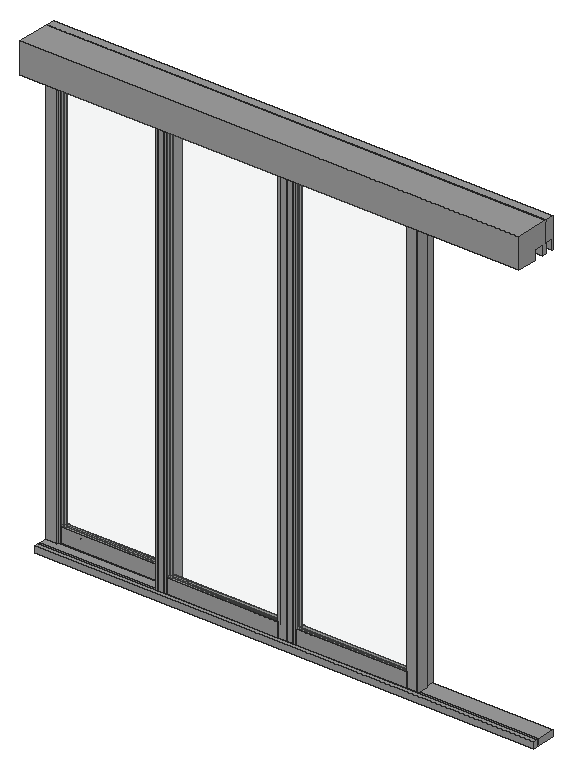
Revit family "agtatec_Record_SldngDrset_THERMCORD-D-STA_CurtainWallPanel", category Curtain Panels, Revit 2015
Parameters (values of type "THERMCORD D-STA 150mm drive unit height side panel left")
  WithoutSidePanels = and(not(RightPanel), not(LeftPanel))  # no
  WithoutDriveCladding(OnlyApplicableForTypesWithoutSidePanels) = not(WithDriveCladding)  # no
  WithinStandardSizes = and(OpeningWidth > 799.9 mm, OpeningWidth < 3000.1 mm, ClearHeightOfPassage < 3000.1 mm, ClearHeightOfPassage > 1999.9 mm)  # yes
  WithSidePanels = and(RightPanel, LeftPanel)  # no
  WithDriveCladding = yes
  Weight = "Depends on configuration and size"
  WarrantyStartDate [instance] = "1900-12-31T23:59:59"
  WarrantyGuarantorParts = "Local door manufacturer"
  WarrantyGuarantorLabour = "Local door manufacturer"
  WarrantyDurationUnit = "Depends on country"
  WarrantyDurationParts = "Depends on country"
  WarrantyDurationLabour = "Depends on country"
  WarrantyDescription = "Depends on country"
  WallMountingProfile = no
  Version = "Version 1.0"
  Uniclass2 = "Ss_25_30_20_77"
  URL = "www.agta-record.com"
  TotalWidth = if(WithSidePanels, SidePanelWidthLeft + SidePanelWidthRight + OpeningWidth, if(RightPanel, SidePanelWidthRight + OpeningWidth + 54.5 mm, if(LeftPanel, SidePanelWidthLeft + OpeningWidth + 54.5 mm, OpeningWidth + 109 mm)))  # 1900.5 mm
  TotalHeight = ClearHeightOfPassage + DriveUnitHeight  # 2300 mm
  SustainabilityPerformance = "n/a"
  SupportLength = SidePanelWidthLeft + SidePanelWidthRight + OpeningWidth + DriveUnitExtraWidthRight + DriveUnitExtraWidthLeft  # 2492 mm
  SidePanelWidthRight = SidePanelMinimumStandard + ExtraRight  # 646 mm
  SidePanelWidthLeft = SidePanelMinimumStandard + ExtraLeft  # 646 mm
  SidePanelMinimumStandard = InnerPanelWidth  # 646 mm
  Type Comments = ""
  ThresholdStripping = "No additional required, part of the doorset"
  ThresholdRequired = yes
  ThermalTransmittance = 0
  TagNumber [instance] = "n/a"
  SmokeStop = no
  Size = "n/a"
  Shape = "Rectangular"
  ServiceLifeType = "n/a"
  ServiceLifeDuration = "10-15 years"
  SerialNumber [instance] = "n/a"
  SelfClosing = yes
  SecurityRating = "n/a"
  RightPanel = no
  Revision = "n/a"
  ReplacementCost = "Depends on the configuration and door type"
  ReferenceStandard = "EN16005, EN16361, DIN 18650, etc."
  Reference = "n/a"
  ProductionYear = "n/a"
  ProductInformation = "www.agta-record.com"
  Process = "n/a"
  PassageWidthOptions = "n/a"
  PanelHeight = ClearHeightOfPassage + 50 mm  # 2200 mm
  PanelFrames = agtatec_Record_Sliding Door, Aluminium
  PanelFill = agtatec_Record_Sliding Door, Laminated Safety Glass (Clear)
  OuterPanelWidthRight = SidePanelMinimumStandard - 32.8 mm + ExtraRight  # 613.2 mm
  OuterPanelWidthLeft = SidePanelMinimumStandard - 32.8 mm + ExtraLeft  # 613.2 mm
  OpeningWidth = 1200 mm
  NominalWidth = TotalWidth  # 1900.5 mm
  NominalLength = 0 mm
  NominalHeight = TotalHeight  # 2300 mm
  Name = "SldngDrset_THERMCORD-D-STA_CurtainWallPanel_Record"
  NBSTypeID = "n/a"
  NBSReference = "25-50-20/175"
  NBSOfficeMasterTag = "n/a"
  NBSNote = "n/a"
  NBSDescription = "Sliding Doorset"
  NBSCertification = "n/a"
  ModelReference = "Depends on the configuration"
  ModelNumber = "n/a"
  ModelLabel = "n/a"
  Model = "Thermcord D-STA"
  MethodOfMeasurement = "n/a"
  Material = "Aluminium"
  ManufacturerURL = "www.agta-record.com"
  ManufacturerName = "Record"
  Manufacturer = "info@recorduk.co.uk"
  LeftPanel = yes
  LeafColourOptions = "All RAL, customer specific"
  Keynote = ""
  IssueDate = ""
  IsExternal = yes
  InterlancingProfileHeight = PanelHeight - 5 mm  # 2195 mm
  InterlancingProfile1 = no
  InstallationDate [instance] = "1900-12-31T23:59:59"
  InnerPanelWidth = (OpeningWidth / 2) + 46 mm  # 646 mm
  Infiltration = "n/a"
  IfcExportType = "Door"
  IfcExportAs = "IfcDoorStyle"
  HasDrive = yes
  HandicapAccessible = yes
  Grade = "n/a"
  GlazingAreaFraction = "n/a"
  GlassType = "Part of glazing spec"
  GlassThickness2 = 0 mm
  GlassThickness1 = 8 mm
  GlassLayers = 2
  FrameSeal = yes
  FrameProfile = "Aluminium"
  FrameMaterial = "Aluminium"
  FrameFinishOptions = "n/a"
  FloorGuide = agtatec_Record_Sliding Door, Stainless Steel
  FireRating = "n/a"
  FireExit = no
  Finish = "Powder coated, Anodized, customer specific"
  Features = "n/a"
  ExtraWidthTotal = ExtraRight + ExtraLeft  # 0 mm
  ExtraWidthRight = 0 mm
  ExtraWidthLeft = 0 mm
  ExtraRight = if(not(RightPanel), 0 mm, ExtraWidthRight)  # 0 mm
  ExtraLeft = if(not(LeftPanel), 0 mm, ExtraWidthLeft)  # 0 mm
  ExpectedLife = "n/a"
  ElectronicLock = yes
  DurationUnit = "year"
  DriveUnitHeight = 150 mm
  DriveUnitExtraWidthRight = 0 mm
  DriveUnitExtraWidthLeft = 0 mm
  DriveUnit = agtatec_Record_Sliding Door, Sheet Metal (Painted Steel)
  DoorsetOperation = "Automatic"
  DoorsetFasteners = "Screws"
  DoorSeal = "1"
  DoorOpening = 0 mm
  DoorNumber = "n/a"
  DoorIncluded = yes
  Documentation = "n/a"
  DocumentReference = "n/a"
  Description = "Automatic Sliding Door"
  Cost = 0
  Construction Type = "Automatic Sliding Door"
  Constituents = "n/a"
  Configuration = "1 or 2"
  Colour = "Customer specific"
  CodePerformance = "n/a"
  ClearanceZones = no
  ClearHeightOfPassage = 2150 mm
  Category = "n/a"
  BarCode [instance] = "n/a"
  BIMObjectName = "agtatec_Record_SlidingDoorset_THERMCORD-D-STA_CurtainWallPanel"
  Author = "agtatec"
  AssetType = "n/a"
  AssetIdentifier [instance] = "n/a"
  Assembly Code = "B2030110"
  AntiFingerTrapRequirement = yes
  AlternativeDoorsetGlazing = "Part of glazing spec"
  AcousticRating = "n/a"
  AccessoryOptions = "Contact manufacturer"
  AccessibilityPerformance = "n/a"
Reference planes
  plane 1 "Center (Front/Back)": y = 0
  plane 2: z = 0
  plane 3 "Center (Left/Right)": x = -50
  plane 4 "Left": x = -1280
  plane 5 "Right": x = 1180
  plane 6 "Top": z = 4000
Text (mm)
  text "Exterior" at (-2351.972, 1416.179, 0), in view "Ref. Level"
  text "Exterior" at (0, 2290.741, 4406.713), in view "Left"
  text "Exterior" at (0, 1328.187, 4120.349), in view "Right"
Dimensions and locks
  equal spacing: plane 4 "Left", plane 3 "Center (Left/Right)", plane 5 "Right"
  aligned and locked: nested 1 to plane 1 "Center (Front/Back)"
  aligned and locked: plane 3 "Center (Left/Right)" to nested 1
Nested families
  nested 1: "THERMCORD D-STA" at (-50, 0, 0) x (-1, 0, 0) z (0, 0, 1), type "THERMCORD D-STA 150mm drive unit height with two side panels"
    with WarrantyStartDate "1900-12-31T23:59:59", TagNumber "n/a", SerialNumber "n/a", InstallationDate "1900-12-31T23:59:59", BarCode "n/a", AssetIdentifier "n/a"
Definition of nested family "THERMCORD D-STA"
  Parameters
    WithoutSidePanels = and(not(RightPanel), not(LeftPanel))  # no
    WithoutDriveCladding(OnlyApplicableForTypesWithoutSidePanels) = not(WithDriveCladding)  # no
    WithinStandardSizes = and(OpeningWidth > 799.9 mm, OpeningWidth < 3000.1 mm, ClearHeightOfPassage < 3000.1 mm, ClearHeightOfPassage > 1999.9 mm)  # yes
    WithSidePanels = and(RightPanel, LeftPanel)  # yes
    WithDriveCladding = yes
    WarrantyDurationUnit = "Depends on country"
    WallMountingProfile = no
    Wall Opening Width = if(and(RightPanel, LeftPanel), OpeningWidth + SidePanelWidthRight + SidePanelWidthLeft, if(RightPanel, OpeningWidth + SidePanelWidthRight, if(LeftPanel, OpeningWidth + SidePanelWidthLeft, OpeningWidth)))  # 2492 mm
    TotalWidth = if(WithSidePanels, SidePanelWidthLeft + SidePanelWidthRight + OpeningWidth, if(RightPanel, SidePanelWidthRight + OpeningWidth + 54.5 mm, if(LeftPanel, SidePanelWidthLeft + OpeningWidth + 54.5 mm, OpeningWidth + 109 mm)))  # 2492 mm
    TotalHeight = ClearHeightOfPassage + DriveUnitHeight  # 2300 mm
    Thickness = 0 mm
    SustainabilityPerformance = "n/a"
    SupportLength = SidePanelWidthLeft + SidePanelWidthRight + OpeningWidth + DriveUnitExtraWidthRight + DriveUnitExtraWidthLeft  # 2492 mm
    SidePanelWidthRight = SidePanelMinimumStandard + ExtraRight  # 646 mm
    SidePanelWidthLeft = SidePanelMinimumStandard + ExtraLeft  # 646 mm
    SidePanelMinimumStandard = InnerPanelWidth  # 646 mm
    ServiceLifeType = "n/a"
    SecurityRating = "n/a"
    RightPanel = yes
    Revision = "n/a"
    ProductInformation = "www.agta-record.com"
    Process = "n/a"
    PanelHeight = ClearHeightOfPassage + 50 mm  # 2200 mm
    PanelFrames = none
    PanelFill = none
    OuterPanelWidthRight = SidePanelMinimumStandard - 32.82 mm + ExtraRight  # 613.18 mm
    OuterPanelWidthLeft = SidePanelMinimumStandard - 32.82 mm + ExtraLeft  # 613.18 mm
    OpeningWidth = 1200 mm
    Name = "SldngDrset_THERMCORD-D-STA_Standalone_Record"
    NBSTypeID = "n/a"
    NBSReference = "25-50-20/175"
    NBSOfficeMasterTag = "n/a"
    NBSNote = "n/a"
    NBSDescription = "Sliding Doorset"
    NBSCertification = "n/a"
    MountingProfileRight = and(RightPanel, WallMountingProfile)  # no
    MountingProfileLeft = and(LeftPanel, WallMountingProfile)  # no
    ModelNumber = "n/a"
    ModelLabel = "n/a"
    MethodOfMeasurement = "n/a"
    ManufacturerName = "info@recorduk.co.uk"
    LeftPanel = yes
    InterlancingProfileRight = not(and(RightPanel, (Wall Opening Width > OpeningWidth)))  # no
    InterlancingProfileLeft = not(and(LeftPanel, (Wall Opening Width > OpeningWidth)))  # no
    InterlancingProfileHeight = PanelHeight - 5 mm  # 2195 mm
    InterlancingProfile3 = or(and(Wall Opening Width < 2 * OpeningWidth, Wall Opening Width > OpeningWidth), WithDriveCladding)  # yes
    InterlancingProfile2 = and(Wall Opening Width = OpeningWidth, [WithoutDriveCladding(OnlyApplicableForTypesWithoutSidePanels)])  # no
    InterlancingProfile1 = yes
    InstallationDate [instance] = "1900-12-31T23:59:59"
    InnerPanelWidth = (OpeningWidth / 2) + 46 mm  # 646 mm
    IfcExportType = "Door"
    IfcExportAs = "IfcDoorStyle"
    Grade = "n/a"
    GlazingAreaFraction = "n/a"
    GlassThickness2 = 0 mm
    GlassThickness1 = 8 mm
    FloorListDepth = if(WithDriveCladding, 89 mm, 46.75 mm)  # 89 mm
    FloorGuide = none
    Width = TotalWidth  # 2492 mm
    Weight = "Depends on configuration and size"
    WarrantyStartDate [instance] = "1900-12-31T23:59:59"
    WarrantyGuarantorParts = "Local door manufacturer"
    WarrantyGuarantorLabour = "Local door manufacturer"
    WarrantyDurationParts = "Depends on country"
    WarrantyDurationLabour = "Depends on country"
    WarrantyDescription = "Depends on country"
    Version = "Version 1.0"
    Uniclass2 = "Ss_25_30_20_77"
    URL = "www.agta-record.com"
    Type Comments = "n/a"
    ThresholdStripping = "No additional required, part of the doorset"
    ThresholdRequired = yes
    ThermalTransmittance = 0
    TagNumber [instance] = "n/a"
    SmokeStop = no
    Size = "n/a"
    Shape = "Rectangular"
    ServiceLifeDuration = "10-15 years"
    SerialNumber [instance] = "n/a"
    SelfClosing = yes
    Rough Width = TotalWidth + 6 mm  # 2498 mm
    Rough Height = TotalHeight + 6 mm  # 2306 mm
    ReplacementCost = "Depends on the configuration and door type"
    ReferenceStandard = "EN16005, EN16361, DIN 18650, etc."
    Reference = "n/a"
    ProductionYear = "n/a"
    PassageWidthOptions = "n/a"
    Operation = "n/a"
    NominalWidth = TotalWidth  # 2492 mm
    NominalLength = 0 mm
    NominalHeight = TotalHeight  # 2300 mm
    ModelReference = "Depends on the configuration"
    Model = "Thermcord D-STA"
    Material = "Aluminium"
    ManufacturerURL = "www.agta-record.com"
    Manufacturer = "Record"
    LeafColourOptions = "All RAL, customer specific"
    Keynote = "n/a"
    IssueDate = "n/a"
    IsExternal = yes
    Infiltration = "n/a"
    Height = TotalHeight  # 2300 mm
    HasDrive = yes
    HandicapAccessible = yes
    GlassType = "Part of glazing spec"
    GlassLayers = 2
    Function = 1
    FrameSeal = yes
    FrameProfile = "Aluminium"
    FrameMaterial = "Aluminium"
    FrameFinishOptions = "n/a"
    FireRating = "n/a"
    FireExit = no
    Fire Rating = "n/a"
    Finish = "Powder coated, Anodized, customer specific"
    Features = "n/a"
    ExtraWidthRight = 0 mm
    ExtraWidthLeft = 0 mm
    ExtraRight = if(not(RightPanel), 0 mm, ExtraWidthRight)  # 0 mm
    ExtraLeft = if(not(LeftPanel), 0 mm, ExtraWidthLeft)  # 0 mm
    ExpectedLife = "n/a"
    ElectronicLock = yes
    DurationUnit = "year"
    DriveUnitHeight = 150 mm
    DriveUnitExtraWidthRight = 0 mm
    DriveUnitExtraWidthLeft = 0 mm
    DriveUnitCenterDistance = (OpeningWidth / 2) + SidePanelWidthRight + DriveUnitExtraWidthRight  # 1246 mm
    DriveUnit = none
    DriveDepth = if(and([WithoutDriveCladding(OnlyApplicableForTypesWithoutSidePanels)], DriveUnitHeight = 200 mm), 167 mm, if(and([WithoutDriveCladding(OnlyApplicableForTypesWithoutSidePanels)], DriveUnitHeight = 150 mm), 157 mm, 210 mm))  # 210 mm
    DoorsetOperation = "Automatic"
    DoorsetFasteners = "Screws"
    DoorSeal = "yes"
    DoorOpeningRestriction = if(DoorOpening > OpeningWidth, OpeningWidth, DoorOpening)  # 0 mm
    DoorOpening = 0 mm
    DoorNumber = "n/a"
    DoorIncluded = yes
    Documentation = "n/a"
    DocumentReference = "n/a"
    DistanceToWall = if([WithoutDriveCladding(OnlyApplicableForTypesWithoutSidePanels)], 20 mm, 63 mm)  # 63 mm
    Description = "Automatic Sliding Door"
    Cost = 0
    Construction Type = "Automatic Sliding Door"
    Constituents = "n/a"
    Configuration = "1 or 2"
    Colour = "Customer specific"
    CodePerformance = "n/a"
    ClearanceZoneRight = if(or(not(WallMountingProfile), not(RightPanel), DriveUnitExtraWidthRight > 0 mm), ((OpeningWidth / 2) + SidePanelWidthRight + DriveUnitExtraWidthRight), ((OpeningWidth / 2) + SidePanelWidthRight + DriveUnitExtraWidthRight + 25 mm))  # 1246 mm
    ClearanceZoneLeft = if(or(not(WallMountingProfile), not(LeftPanel), DriveUnitExtraWidthLeft > 0 mm), ((OpeningWidth / 2) + SidePanelWidthLeft + DriveUnitExtraWidthLeft), ((OpeningWidth / 2) + SidePanelWidthLeft + DriveUnitExtraWidthLeft + 25 mm))  # 1246 mm
    Clearance Zones = no
    ClearHeightOfPassage = 2150 mm
    CenterOfDoor = SupportLength / 2  # 1246 mm
    Category = "n/a"
    BarCode [instance] = "n/a"
    BIMObjectName = "agtatec_Record_SlidingDoorset_THERMCORD-D-STA_Standalone"
    Author = "agtatec"
    AssetType = "n/a"
    AssetIdentifier [instance] = "n/a"
    Assembly Code = "B2030110"
    AntiFingerTrapRequirement = yes
    AlternativeDoorsetGlazing = "Part of glazing spec"
    AcousticRating = "n/a"
    AccessoryOptions = "Contact manufacturer"
    AccessibilityPerformance = "n/a"
  Reference planes
    plane 1 "Center (Front/Back)": y = 0
    plane 2: z = 0
    plane 3 "Ex Center (Left/Right)": x = 0
    plane 4: x = -1221.68
    plane 5: x = 1221.68
    plane 6: y = 5
    plane 7: y = 101
    plane 8: x = 0
    plane 9: x = 0
    plane 10: x = -1246
    plane 11: x = 1246
    plane 12: z = 2300
    plane 13: z = 2150
    plane 14: z = 2508.08
    plane 15: x = -1175.68
    plane 16: x = 1175.68
    plane 17: x = 600
    plane 18: x = 608.5
    plane 19 "Drive Unit Center Ref": x = -1246
    plane 20: z = 2320
    plane 21: y = 360
    plane 22 "Clearance Zone Right": x = 1246
    plane 23 "Reference": z = 270
    plane 24 "2D Lines": z = 100
    plane 25: x = -646
    plane 26: y = 63
    plane 27: x = 646
    plane 28: y = 45.85
    plane 29: x = -600
    plane 30: x = -608.5
    plane 31: y = 210
    plane 32 "Center (Left/Right)": x = 0
    plane 33: x = -1246
    plane 34: x = 1246
  Forms (mm)
    Extrusion 1, solid, material <- "PanelFrames", visible <- "RightPanel"
      sketch origin (0, 0, 0) x (1, 0, 0) y (0, 1, 0)
        loop
          line (-1191, 5) -> (-1236.36, 5) -> (-1236.36, 43) -> (-1191, 43) -> (-1191, 45.85) -> (-1246, 45.85) -> (-1246, 0) -> (-1191, 0) -> (-1191, 5)
      from 0 to 2150
    Extrusion 2, solid, material <- "PanelFrames", visible <- "LeftPanel"
      sketch origin (0, 0, 0) x (-1, 0, 0) y (0, -1, 0)
        loop
          line (-1191, -5) -> (-1191, 0) -> (-1246, 0) -> (-1246, -45.85) -> (-1191, -45.85) -> (-1191, -43) -> (-1236.36, -43) -> (-1236.36, -5) -> (-1191, -5)
      from 0 to 2150
    Extrusion 3, solid, material <- "FloorGuide"
      sketch origin (0, 0, 0) x (0, 1, 0) y (0, 0, 1)
        loop
          line (0, 0) -> (0, -30) -> (116, -30) -> (116, 0) -> (96, 0) -> (96, -28) -> (89, -28) -> (89, 0) -> (0, 0)
      from -1246 to 1246
    Extrusion 4, solid, material <- "PanelFrames", visible <- "MountingProfileLeft"
      sketch origin (0, 0, 0) x (1, 0, 0) y (0, 1, 0)
        loop
          line (1246, 45.85) -> (1246, 0) -> (1271, 0) -> (1271, 2.5) -> (1256.5, 2.5) -> (1256.5, 45.85) -> (1246, 45.85)
      from 0 to 2150
    Extrusion 5, solid, material <- "PanelFrames", visible <- "MountingProfileRight"
      sketch origin (0, 0, 0) x (-1, 0, 0) y (0, -1, 0)
        loop
          line (1246, -45.85) -> (1256.5, -45.85) -> (1256.5, -2.5) -> (1271, -2.5) -> (1271, 0) -> (1246, 0) -> (1246, -45.85)
      from 0 to 2150
    Extrusion 6, solid, visible <- "Clearance Zones"
      sketch origin (0, 0, 0) x (0, 1, 0) y (0, 0, 1)
        loop
          line (360, 2320) -> (0, 2320) -> (0, 0) -> (360, 0) -> (360, 2320)
      from -1246 to 1246
  Lines and regions (mm)
    Masking region 1, visible <- "RightPanel"
      outline origin (0, 0, 0) x (1, 0, 0) y (0, 1, 0)
        loop
          line (-1236.36, 43) -> (-1236.36, 5) -> (-1221.68, 5) -> (-1221.68, 43) -> (-1236.36, 43)
    Masking region 2, visible <- "LeftPanel"
      outline origin (0, 0, 0) x (1, 0, 0) y (0, 1, 0)
        loop
          line (1191, 45.85) -> (1191, 43) -> (1236.36, 43) -> (1236.36, 5) -> (1191, 5) -> (1191, 0) -> (1246, 0) -> (1246, 45.85) -> (1191, 45.85)
    Masking region 3, visible <- "LeftPanel"
      outline origin (0, 0, 0) x (1, 0, 0) y (0, 1, 0)
        loop
          line (1236.36, 43) -> (1221.68, 43) -> (1221.68, 5) -> (1236.36, 5) -> (1236.36, 43)
    Masking region 4, visible <- "MountingProfileLeft"
      outline origin (0, 0, 0) x (1, 0, 0) y (0, 1, 0)
        loop
          line (1246, 45.85) -> (1246, 0) -> (1271, 0) -> (1271, 2.5) -> (1256.5, 2.5) -> (1256.5, 45.85) -> (1246, 45.85)
    Masking region 5, visible <- "MountingProfileRight"
      outline origin (0, 0, 0) x (1, 0, 0) y (0, 1, 0)
        loop
          line (-1256.5, 45.85) -> (-1256.5, 2.5) -> (-1271, 2.5) -> (-1271, 0) -> (-1246, 0) -> (-1246, 45.85) -> (-1256.5, 45.85)
    Masking region 6, visible <- "RightPanel"
      outline origin (0, 0, 0) x (1, 0, 0) y (0, 1, 0)
        loop
          line (-1191, 45.85) -> (-1246, 45.85) -> (-1246, 0) -> (-1191, 0) -> (-1191, 5) -> (-1236.36, 5) -> (-1236.36, 43) -> (-1191, 43) -> (-1191, 45.85)
    symbolic lines
      curve 1: line (175, -50, 0) -> (25, -50, 0)
      curve 2: line (175, -50, 0) -> (139.645, -14.645, 0)
      curve 3: line (175, -50, 0) -> (139.645, -85.355, 0)
      curve 4: line (-25, -50, 0) -> (-175, -50, 0)
      curve 5: line (-175, -50, 0) -> (-139.645, -14.645, 0)
      curve 6: line (-175, -50, 0) -> (-139.645, -85.355, 0)
    symbolic lines, visible <- "LeftPanel", detail levels medium+fine
      curve 7: line (1191, 43, 100) -> (1236.36, 43, 100)
      curve 8: line (1236.36, 5, 100) -> (1191, 5, 100)
      curve 9: line (1236.36, 5, 100) -> (1236.36, 43, 100)
      curve 10: line (1221.68, 43, 100) -> (1221.68, 5, 100)
    symbolic lines, visible <- "RightPanel", detail levels medium+fine
      curve 11: line (-1191, 43, 100) -> (-1236.36, 43, 100)
      curve 12: line (-1236.36, 5, 100) -> (-1191, 5, 100)
      curve 13: line (-1236.36, 5, 100) -> (-1236.36, 43, 100)
      curve 14: line (-1221.68, 43, 100) -> (-1221.68, 5, 100)
  Dimensions and locks
    locked: plane 6 to plane 1 "Center (Front/Back)" at 5
    locked: plane 1 "Center (Front/Back)" to plane 7 at 101
    equal spacing: plane 8, plane 3 "Ex Center (Left/Right)", plane 9
    locked: plane 10 to plane 4 at 24.32
    locked: plane 5 to plane 11 at 24.32
    "DriveUnitHeight": plane 12 to plane 13
    locked: plane 14 to plane 13 at 358.08
    locked: plane 10 to plane 15 at 70.32
    locked: plane 16 to plane 11 at 70.32
    locked: plane 17 to plane 18 at 8.5
    "SidePanelWidthLeft": plane 17 to plane 11
    "ClearHeightOfPassage": plane 13 to plane 2
    "DriveUnitCenterDistance": plane 3 "Ex Center (Left/Right)" to plane 19 "Drive Unit Center Ref"
    locked: plane 20 to plane 12 at 20
    "SupportLength": plane 19 "Drive Unit Center Ref" to plane 22 "Clearance Zone Right"
    "DoorOpeningRestriction": plane 8 to plane 9
    "InnerPanelWidth": plane 25 to plane 8
    "InnerPanelWidth": plane 9 to plane 27
    "DistanceToWall": plane 26 to plane 1 "Center (Front/Back)"
    locked: plane 26 to nested 8 at 20
    locked: plane 26 to nested 9 at 20
    locked: plane 28 to plane 1 "Center (Front/Back)" at 45.85
    locked: plane 30 to plane 29 at 8.5
    equal spacing: plane 29, plane 3 "Ex Center (Left/Right)", plane 17
    "SidePanelWidthRight": plane 10 to plane 29
    "OpeningWidth": plane 29 to plane 17
    "DriveDepth": plane 1 "Center (Front/Back)" to plane 31
    "DriveUnitHeight": plane 31 to plane 21
    locked: Extrusion 3 sketch curve to Extrusion 3 sketch curve at 20
    locked: Extrusion 3 sketch curve to Extrusion 3 sketch curve at 7
    "FloorListDepth": plane 1 "Center (Front/Back)" to Extrusion 3 sketch curve
    "CenterOfDoor": plane 19 "Drive Unit Center Ref" to plane 32 "Center (Left/Right)"
    "ClearanceZoneLeft": plane 3 "Ex Center (Left/Right)" to plane 34
    "ClearanceZoneRight": plane 33 to plane 3 "Ex Center (Left/Right)"
    aligned and locked: level to plane 2
    aligned and locked: Extrusion 1 to plane 10
    aligned and locked: plane 11 to Extrusion 2
    aligned and locked: plane 11 to Extrusion 4 sketch curve
    aligned and locked: plane 13 to Extrusion 4
    aligned and locked: plane 13 to Extrusion 2
    aligned and locked: plane 13 to Extrusion 1
    aligned and locked: plane 13 to Extrusion 5
    aligned and locked: plane 12 to nested 2
    aligned and locked: Extrusion 3 to plane 10
    aligned and locked: plane 11 to Extrusion 3
    aligned and locked: nested 2 to plane 19 "Drive Unit Center Ref"
    aligned and locked: plane 21 to Extrusion 6 sketch curve
    aligned and locked: Extrusion 6 sketch curve to plane 20
    aligned and locked: nested 7 to plane 25
    aligned and locked: plane 26 to nested 7
    aligned and locked: plane 25 to nested 6
    aligned and locked: nested 6 to plane 26
    aligned and locked: plane 28 to Extrusion 2 sketch curve
    aligned and locked: Masking region 2 sketch curve to plane 28
    aligned and locked: Extrusion 4 sketch curve to plane 28
    aligned and locked: Masking region 4 sketch curve to plane 28
    aligned and locked: Extrusion 1 sketch curve to plane 28
    aligned and locked: plane 28 to Extrusion 5 sketch curve
    aligned and locked: Masking region 1 to Extrusion 1
    aligned and locked: Masking region 3 to Extrusion 2
    aligned and locked: plane 10 to Extrusion 5 sketch curve
    aligned and locked: Masking region 5 sketch curve to plane 28
    aligned and locked: Masking region 5 sketch curve to plane 10
    aligned and locked: plane 30 to nested 8
    aligned and locked: plane 1 "Center (Front/Back)" to nested 2
    aligned and locked: plane 30 to nested 5
    aligned and locked: plane 30 to nested 11
    aligned and locked: plane 18 to nested 9
    aligned and locked: plane 18 to nested 10
    aligned and locked: plane 18 to nested 1
    aligned and locked: plane 27 to nested 4
    aligned and locked: nested 3 to plane 26
    aligned and locked: nested 3 to plane 27
    aligned and locked: plane 26 to nested 4
    aligned and locked: Extrusion 6 to plane 33
    aligned and locked: plane 34 to Extrusion 6
  Automatic sketch dimensions
    Extrusion 6 sketch curve to level = 0 mm
    Extrusion 6 sketch curve to plane 1 "Center (Front/Back)" = 0 mm
    plane 1 "Center (Front/Back)" to curve 5 = 14.645 mm
    curve 5 to curve 6 = 0 mm
    curve 4 to curve 5 = 35.355 mm
    plane 1 "Center (Front/Back)" to curve 2 = 14.645 mm
    curve 3 to curve 2 = 0 mm
    plane 1 "Center (Front/Back)" to curve 2 = 50 mm
    curve 2 to curve 2 = 35.355 mm
    curve 6 to curve 5 = 35.355 mm
    Extrusion 1 sketch curve to plane 10 = 0 mm
    Extrusion 1 sketch curve to plane 6 = 0 mm
    Extrusion 1 sketch curve to plane 1 "Center (Front/Back)" = 0 mm
    plane 10 to Extrusion 1 sketch curve = 9.64 mm
    Extrusion 1 sketch curve to plane 15 = 15.32 mm  (x2)
    Extrusion 1 sketch curve to Extrusion 1 sketch curve = 2.85 mm
    Extrusion 2 sketch curve to plane 11 = 0 mm
    Extrusion 2 sketch curve to plane 6 = 0 mm
    plane 1 "Center (Front/Back)" to Extrusion 2 sketch curve = 0 mm
    plane 11 to Extrusion 2 sketch curve = 9.64 mm
    Extrusion 2 sketch curve to plane 16 = 15.32 mm  (x2)
    Extrusion 2 sketch curve to Extrusion 2 sketch curve = 2.85 mm
    plane 1 "Center (Front/Back)" to Extrusion 4 sketch curve = 0 mm
    plane 11 to Extrusion 4 sketch curve = 10.5 mm
    Extrusion 4 sketch curve to Extrusion 4 sketch curve = 14.5 mm
    Extrusion 4 sketch curve to plane 1 "Center (Front/Back)" = 2.5 mm
    Extrusion 5 sketch curve to plane 1 "Center (Front/Back)" = 0 mm
    Extrusion 5 sketch curve to Extrusion 5 sketch curve = 10.5 mm
    Extrusion 5 sketch curve to Extrusion 5 sketch curve = 14.5 mm
    Extrusion 5 sketch curve to Extrusion 5 sketch curve = 2.5 mm
    Masking region 1 sketch curve to plane 6 = 0 mm
    Masking region 1 sketch curve to plane 4 = 0 mm
    plane 10 to Masking region 1 sketch curve = 9.64 mm
    Masking region 1 sketch curve to plane 26 = 20 mm
    Masking region 2 sketch curve to plane 6 = 0 mm
    plane 1 "Center (Front/Back)" to Masking region 2 sketch curve = 0 mm
    Masking region 2 sketch curve to plane 11 = 0 mm
    Masking region 2 sketch curve to plane 11 = 9.64 mm
    plane 16 to Masking region 2 sketch curve = 15.32 mm  (x2)
    Masking region 2 sketch curve to Masking region 2 sketch curve = 2.85 mm
    Masking region 3 sketch curve to plane 6 = 0 mm
    Masking region 3 sketch curve to plane 5 = 0 mm
    Masking region 3 sketch curve to plane 11 = 9.64 mm
    Masking region 3 sketch curve to plane 26 = 20 mm
    plane 1 "Center (Front/Back)" to Masking region 4 sketch curve = 0 mm
    Masking region 4 sketch curve to plane 11 = 0 mm
    Masking region 4 sketch curve to Masking region 4 sketch curve = 10.5 mm
    Masking region 4 sketch curve to Masking region 4 sketch curve = 14.5 mm
    Masking region 4 sketch curve to plane 1 "Center (Front/Back)" = 2.5 mm
    curve 1 to curve 2 = 114.645 mm
    curve 6 to curve 4 = 114.645 mm
    plane 3 "Ex Center (Left/Right)" to curve 1 = 25 mm
    curve 4 to plane 3 "Ex Center (Left/Right)" = 25 mm
    curve 9 to plane 6 = 0 mm
    curve 10 to plane 5 = 0 mm
    curve 12 to plane 6 = 0 mm
    curve 14 to plane 4 = 0 mm
    curve 9 to plane 28 = 2.85 mm
    curve 9 to plane 11 = 9.64 mm
    plane 16 to curve 8 = 15.32 mm
    plane 16 to curve 7 = 15.32 mm
    curve 11 to plane 28 = 2.85 mm
    curve 11 to plane 15 = 15.32 mm
    curve 12 to plane 15 = 15.32 mm
    plane 10 to curve 13 = 9.64 mm
    plane 1 "Center (Front/Back)" to Masking region 5 sketch curve = 0 mm
    Masking region 5 sketch curve to Masking region 5 sketch curve = 10.5 mm
    Masking region 5 sketch curve to Masking region 5 sketch curve = 14.5 mm
    Masking region 5 sketch curve to plane 1 "Center (Front/Back)" = 2.5 mm
    Masking region 6 sketch curve to plane 10 = 0 mm
    Masking region 6 sketch curve to plane 6 = 0 mm
    Masking region 6 sketch curve to plane 28 = 0 mm
    plane 1 "Center (Front/Back)" to Masking region 6 sketch curve = 0 mm
    plane 10 to Masking region 6 sketch curve = 9.64 mm
    Masking region 6 sketch curve to plane 28 = 2.85 mm
    Masking region 6 sketch curve to plane 15 = 15.32 mm  (x2)
    Extrusion 3 sketch curve to level = 0 mm  (x2)
    Extrusion 3 sketch curve to plane 1 "Center (Front/Back)" = 0 mm
    Extrusion 3 sketch curve to level = 28 mm
    Extrusion 3 sketch curve to level = 30 mm
  Nested families
    nested 1: "Outer Panel Left" at (608.5, 5, 0), visible <- "LeftPanel", type "Outer Panel Left"
    nested 2: "Top Element (drive unit)" at (0, 0, 2300), type "Top Element (drive unit)"
      with Total Width 2492 mm, Support Length 2492 mm
    nested 3: "Inner Panel" at (0, 63, 0), type "Inner Panel"
      with Inner Panel Width 646 mm
    nested 4: "Interlacing profile" at (646, 63, 5) x (0, -1, 0) z (0, 0, 1), type "Interlacing profile"
    nested 5: "Outer Panel Right" at (-1221.68, 5, 0), visible <- "RightPanel", type "Outer Panel Right"
    nested 6: "Interlacing profile" at (-646, 63, 5) x (0, -1, 0) z (0, 0, 1), type "Interlacing profile"
    nested 7: "Inner Panel" at (0, 63, 0) x (-1, 0, 0) z (0, 0, 1), type "Inner Panel"
      with Inner Panel Width 646 mm
    nested 8: "Interlacing profile" at (-608.5, 43, 5) x (0, 1, 0) z (0, 0, 1), visible <- "InterlancingProfileRight", type "Modified profile"
      with Interlacing profile 3 yes
    nested 9: "Interlacing profile" at (608.5, 43, 5) x (0, 1, 0) z (0, 0, 1), visible <- "InterlancingProfileLeft", type "Modified profile"
      with Interlacing profile 3 yes
    nested 10: "Interlacing profile" at (608.5, 43, 5) x (0, 1, 0) z (0, 0, 1), visible <- "LeftPanel", type "Interlacing profile"
    nested 11: "Interlacing profile" at (-608.5, 43, 5) x (0, 1, 0) z (0, 0, 1), visible <- "RightPanel", type "Interlacing profile"
  Definition of nested family "Outer Panel Left"
    Parameters
      Panel Height = 2200 mm
      Panel Glass = none
      Panel Frames = none
      Outer Panel Width Left = 613.18 mm
    Reference planes
      plane 1 "Center (Front/Back)": y = 0
      plane 2: z = 0
      plane 3 "Center (Left/Right)": x = 0
      plane 4: x = 613.18
      plane 5: z = 2200
      plane 6: x = 567.18
      plane 7: x = 46
      plane 8: z = 2163
      plane 9 "Above": z = 66
      plane 10: x = 581.18
      plane 11: x = 32
      plane 12: x = 582.5
      plane 13: x = 16.25
    Forms (mm)
      Extrusion 1, solid, material <- "Panel Frames"
        sketch origin (0, 0, 0) x (1, 0, 0) y (0, 1, 0)
          loop
            line (0, 0) -> (46, 0) -> (46, 2) -> (30, 2) -> (30, 36) -> (46, 36) -> (46, 38) -> (0, 38) -> (0, 0)
        from 0 to 2200
      Extrusion 2, solid, material <- "Panel Frames"
        sketch origin (591.5, 0, 0) x (-1, 0, 0) y (0, -1, 0)
          loop
            line (-21.68, 0) -> (-21.68, -38) -> (24.32, -38) -> (24.32, -36) -> (8.32, -36) -> (8.32, -2) -> (24.32, -2) -> (24.32, 0) -> (-21.68, 0)
        from 0 to 2200
      Extrusion 3, solid, material <- "Panel Frames"
        sketch origin (75, 0, 0) x (0, 1, 0) y (0, 0, 1)
          loop
            line (0, 2200) -> (0, 2150) -> (2.5, 2150) -> (2.5, 2166) -> (35.5, 2166) -> (35.5, 2150) -> (38, 2150) -> (38, 2200) -> (0, 2200)
        from -29 to 492.18
      Extrusion 4, solid, material <- "Panel Glass"
        sketch origin (0, 0, 0) x (1, 0, 0) y (0, 1, 0)
          loop
            line (32, 34) -> (32, 4) -> (581.18, 4) -> (581.18, 34) -> (32, 34)
        from 66 to 2163
      Extrusion 5, solid, material <- "Panel Frames"
        sketch origin (20, 0, 0) x (0, 1, 0) y (0, 0, 1)
          loop
            line (0, 5) -> (2.25, 5) -> (2.25, 0) -> (35.25, 0) -> (35.25, 5) -> (38, 5) -> (38, 77) -> (35.5, 77) -> (35.5, 61) -> (2.5, 61) -> (2.5, 77) -> (0, 77) -> (0, 5)
        from 26 to 547.18
    Lines and regions (mm)
      Masking region 1
        outline origin (0, 0, 0) x (1, 0, 0) y (0, 1, 0)
          loop
            line (0, 38) -> (0, 0) -> (582.5, 0) -> (613.18, 0) -> (613.18, 38) -> (582.5, 38) -> (16.25, 38) -> (0, 38)
      symbolic lines, detail levels medium+fine
        curve 1: line (567.18, 38, 66) -> (567.18, 0, 66)
        curve 2: line (46, 38, 66) -> (46, 0, 66)
      symbolic lines, detail levels fine
        curve 3: line (46, 34, 66) -> (567.18, 34, 66)
        curve 4: line (567.18, 4, 66) -> (46, 4, 66)
    Dimensions and locks
      "Panel Height": plane 5 to plane 2
      locked: plane 7 to plane 3 "Center (Left/Right)" at 46
      locked: plane 6 to plane 4 at 46
      locked: plane 5 to plane 8 at 37
      locked: plane 9 "Above" to level at 66
      locked: plane 4 to plane 10 at 32
      locked: plane 11 to plane 3 "Center (Left/Right)" at 32
      locked: plane 12 to plane 4 at 30.68
      plane 3 "Center (Left/Right)" to plane 13 = 16.25 mm
      "Outer Panel Width Left": plane 4 to plane 3 "Center (Left/Right)"
      aligned and locked: plane 2 to level
      aligned and locked: plane 5 to Extrusion 2
      aligned and locked: plane 5 to Extrusion 1
      aligned and locked: Extrusion 3 to plane 7
      aligned and locked: Extrusion 3 to plane 6
      aligned and locked: plane 8 to Extrusion 4
      aligned and locked: Extrusion 4 to plane 9 "Above"
      aligned and locked: Extrusion 4 to plane 10
      aligned and locked: Extrusion 4 to plane 11
      aligned and locked: Extrusion 1 to level
      aligned and locked: Extrusion 2 to level
      aligned and locked: Extrusion 5 to plane 6
      aligned and locked: Extrusion 5 to plane 7
      aligned and locked: Masking region 1 sketch curve to plane 3 "Center (Left/Right)"
      aligned and locked: Masking region 1 sketch curve to plane 4
      aligned and locked: plane 6 to curve 1
      aligned and locked: curve 2 to plane 7
    Automatic sketch dimensions
      Extrusion 1 sketch curve to plane 3 "Center (Left/Right)" = 0 mm
      Extrusion 1 sketch curve to plane 7 = 0 mm  (x2)
      plane 1 "Center (Front/Back)" to Extrusion 1 sketch curve = 0 mm
      Extrusion 1 sketch curve to plane 11 = 2 mm
      Extrusion 1 sketch curve to Extrusion 1 sketch curve = 2 mm  (x2)
      Extrusion 1 sketch curve to Extrusion 1 sketch curve = 34 mm
      Extrusion 2 sketch curve to plane 4 = 0 mm
      Extrusion 2 sketch curve to plane 6 = 0 mm  (x2)
      plane 1 "Center (Front/Back)" to Extrusion 2 sketch curve = 0 mm
      plane 10 to Extrusion 2 sketch curve = 2 mm
      Extrusion 2 sketch curve to Extrusion 2 sketch curve = 2 mm  (x2)
      Extrusion 2 sketch curve to Extrusion 2 sketch curve = 34 mm
      Extrusion 3 sketch curve to plane 1 "Center (Front/Back)" = 0 mm
      Extrusion 3 sketch curve to plane 5 = 0 mm
      Extrusion 3 sketch curve to plane 1 "Center (Front/Back)" = 2.5 mm
      plane 8 to Extrusion 3 sketch curve = 3 mm
      Extrusion 3 sketch curve to Extrusion 3 sketch curve = 33 mm
      Extrusion 3 sketch curve to Extrusion 3 sketch curve = 2.5 mm
      Extrusion 3 sketch curve to plane 8 = 13 mm  (x2)
      Extrusion 4 sketch curve to plane 11 = 0 mm
      Extrusion 4 sketch curve to plane 10 = 0 mm
      Extrusion 4 sketch curve to plane 1 "Center (Front/Back)" = 4 mm
      Extrusion 4 sketch curve to Extrusion 4 sketch curve = 30 mm
      Extrusion 5 sketch curve to plane 1 "Center (Front/Back)" = 0 mm
      Extrusion 5 sketch curve to level = 0 mm
      Extrusion 5 sketch curve to plane 1 "Center (Front/Back)" = 2.25 mm
      Extrusion 5 sketch curve to plane 1 "Center (Front/Back)" = 2.5 mm
      level to Extrusion 5 sketch curve = 5 mm
      Extrusion 5 sketch curve to Extrusion 5 sketch curve = 33 mm  (x2)
      plane 9 "Above" to Extrusion 5 sketch curve = 11 mm  (x2)
      Extrusion 5 sketch curve to Extrusion 5 sketch curve = 2.5 mm
      Extrusion 5 sketch curve to Extrusion 5 sketch curve = 5 mm
      Extrusion 5 sketch curve to plane 9 "Above" = 5 mm
      plane 1 "Center (Front/Back)" to Masking region 1 sketch curve = 0 mm
      Masking region 1 sketch curve to Masking region 1 sketch curve = 38 mm
      plane 12 to Masking region 1 sketch curve = 0 mm  (x2)
      Masking region 1 sketch curve to plane 13 = 0 mm
      plane 1 "Center (Front/Back)" to curve 2 = 0 mm
      plane 1 "Center (Front/Back)" to curve 1 = 0 mm
      curve 4 to curve 2 = 4 mm
      curve 3 to curve 4 = 30 mm
      curve 1 to curve 3 = 4 mm
      curve 2 to curve 3 = 4 mm
  Definition of nested family "Top Element (drive unit)"
    Parameters
      Without side panels = and(not(Right Panel), not(Left Panel))  # no
      Wall Mounting Option 2 = not(Wall Mounting Option 1)  # no
      Wall Mounting Option 1 = yes
      Total Width = 2497 mm
      Support Length = 2497 mm
      Right Panel = yes
      Left Panel = yes
      Drive Unit Height = 150 mm
      Drive Unit = none
      Drive Depth 3 = if(Wall Mounting Option 2, 0 mm, 43 mm)  # 43 mm
      Drive Depth 2 = if(and(Wall Mounting Option 2, Drive Unit Height = 150 mm), 86 mm, if(Drive Unit Height = 150 mm, 98 mm, 105 mm))  # 98 mm
      Drive Depth = if(and(Wall Mounting Option 2, Drive Unit Height = 200 mm), 167 mm, if(and(Wall Mounting Option 2, Drive Unit Height = 150 mm), 157 mm, 210 mm))  # 210 mm
      Cladding void = if(Without side panels, 42 mm, Drive Depth - Drive Depth 2 - 5 mm)  # 107 mm
      Cladding profile = not(Wall Mounting Option 2)  # yes
    Reference planes
      plane 1 "Center (Front/Back)": y = 0
      plane 2: z = 0
      plane 3 "Drive Unit Center (Left/Right)": x = 0
      plane 4: x = -1248.5
      plane 5: x = 1248.5
      plane 6: y = 210
      plane 7: y = 112
      plane 8: y = 43
    Forms (mm)
      Extrusion 1, solid, material <- "Drive Unit"
        sketch origin (0, 0, -40.756) x (0, 1, 0) y (0, 0, 1)
          loop
            line (43, 40.756) -> (43, -109.244) -> (63, -109.244) -> (63, -59.244) -> (112, -59.244) -> (112, -109.244) -> (210, -109.244) -> (210, 40.756) -> (43, 40.756)
        from -1248.5 to 1248.5
      Extrusion 2, solid, material <- "Drive Unit", visible <- "Cladding profile"
        sketch origin (0, 0, 0) x (0, 1, 0) y (0, 0, 1)
          loop
            line (0, 0) -> (0, -150) -> (43, -150) -> (43, 0) -> (0, 0)
        from -1248.5 to 1248.5
      Extrusion 3, void
        sketch origin (0, 112, -78.209) x (0, 0, -1) y (1, 0, 0)
          loop
            line (71.791, -1248.5) -> (71.791, 1248.5) -> (21.791, 1248.5) -> (21.791, -1248.5) -> (71.791, -1248.5)
        from 0 to 107 <- "Cladding void"
    Cuts and joins
      Extrusion 3 cuts Extrusion 2
    Dimensions and locks
      "Drive Unit Height": level to Extrusion 1
      "Drive Depth": plane 1 "Center (Front/Back)" to plane 6
      "Drive Depth 2": plane 7 to plane 6
      locked: plane 1 "Center (Front/Back)" to Extrusion 2 sketch curve at 43
      "Drive Depth 3": plane 1 "Center (Front/Back)" to plane 8
      locked: plane 8 to Extrusion 1 sketch curve at 20
      locked: Extrusion 3 sketch curve to Extrusion 3 sketch curve at 50
      equal spacing: plane 5, plane 3 "Drive Unit Center (Left/Right)", plane 4
      "Support Length": plane 5 to plane 4
      aligned and locked: level to plane 2
      aligned and locked: plane 2 to Extrusion 1  (x2)
      aligned and locked: plane 4 to Extrusion 1
      aligned and locked: plane 5 to Extrusion 1
      aligned and locked: plane 6 to Extrusion 1
      aligned and locked: Extrusion 1 to plane 7
      aligned and locked: Extrusion 2 sketch curve to plane 1 "Center (Front/Back)"
      aligned and locked: plane 5 to Extrusion 2
      aligned and locked: plane 4 to Extrusion 2
      aligned and locked: plane 8 to Extrusion 1 sketch curve
      aligned and locked: plane 5 to Extrusion 3 sketch curve
      aligned and locked: plane 4 to Extrusion 3 sketch curve
      aligned and locked: cut or joined group of Extrusion 2, Extrusion 3 to Extrusion 1
      aligned and locked: Extrusion 3 sketch curve to cut or joined group of Extrusion 2, Extrusion 3
    Automatic sketch dimensions
      Extrusion 2 sketch curve to level = 0 mm
      Extrusion 2 sketch curve to Extrusion 2 sketch curve = 150 mm
      Extrusion 1 sketch curve to level = 0 mm
      Extrusion 1 sketch curve to plane 7 = 0 mm
      Extrusion 1 sketch curve to plane 6 = 0 mm
      Extrusion 1 sketch curve to level = 100 mm
      Extrusion 1 sketch curve to Extrusion 1 sketch curve = 50 mm
      Extrusion 1 sketch curve to Extrusion 1 sketch curve = 0 mm
  Definition of nested family "Inner Panel"
    Parameters
      Panel Height = 2200 mm
      Panel Glass = none
      Panel Frames = none
      Inner Panel Width = 600 mm
    Reference planes
      plane 1 "Center (Front/Back)": y = 0
      plane 2: z = 0
      plane 3 "Center (Left/Right)": x = 0
      plane 4: x = 600
      plane 5: z = 2200
      plane 6: x = 554
      plane 7: x = 46
      plane 8: z = 2163
      plane 9 "Above": z = 66
      plane 10: x = 568
      plane 11: x = 32
      plane 12: z = 5
      plane 13: x = 583.75
    Forms (mm)
      Extrusion 1, solid, material <- "Panel Frames"
        sketch origin (0, 0, 0) x (1, 0, 0) y (0, 1, 0)
          loop
            line (0, 0) -> (46, 0) -> (46, 2) -> (30, 2) -> (30, 36) -> (46, 36) -> (46, 38) -> (0, 38) -> (0, 0)
        from 5 to 2200
      Extrusion 2, solid, material <- "Panel Frames"
        sketch origin (591.5, 0, 0) x (-1, 0, 0) y (0, -1, 0)
          loop
            line (-8.5, 0) -> (-8.5, -38) -> (37.5, -38) -> (37.5, -36) -> (21.5, -36) -> (21.5, -2) -> (37.5, -2) -> (37.5, 0) -> (-8.5, 0)
        from 5 to 2200
      Extrusion 3, solid, material <- "Panel Frames"
        sketch origin (-55, 0, 0) x (0, 1, 0) y (0, 0, 1)
          loop
            line (0, 5) -> (2.25, 5) -> (2.25, 26.2) -> (22.5, 26.2) -> (22.5, 5) -> (38, 5) -> (38, 77) -> (35.5, 77) -> (35.5, 61) -> (2.5, 61) -> (2.5, 77) -> (0, 77) -> (0, 5)
        from 101 to 609
      Extrusion 4, solid, material <- "Panel Frames"
        sketch origin (75, 0, 0) x (0, 1, 0) y (0, 0, 1)
          loop
            line (0, 2200) -> (0, 2150) -> (2.5, 2150) -> (2.5, 2166) -> (35.5, 2166) -> (35.5, 2150) -> (38, 2150) -> (38, 2200) -> (0, 2200)
        from -29 to 479
      Extrusion 5, solid, material <- "Panel Glass"
        sketch origin (0, 0, 0) x (1, 0, 0) y (0, 1, 0)
          loop
            line (32, 34) -> (32, 4) -> (568, 4) -> (568, 34) -> (32, 34)
        from 66 to 2163
    Lines and regions (mm)
      Masking region 1
        outline origin (0, 0, 0) x (1, 0, 0) y (0, 1, 0)
          loop
            line (600, 38) -> (0, 38) -> (0, 0) -> (583.75, 0) -> (600, 0) -> (600, 38)
      symbolic lines, detail levels fine
        curve 1: line (46, 34, 66) -> (554, 34, 66)
        curve 2: line (46, 4, 66) -> (554, 4, 66)
      symbolic lines, detail levels medium+fine
        curve 3: line (46, 38, 66) -> (46, 0, 66)
        curve 4: line (554, 0, 66) -> (554, 38, 66)
      symbolic lines
        curve 5: line (146, 0, 1075) -> (454, 0, 1075)
        curve 6: line (454, 0, 1075) -> (418.645, 0, 1110.355)
        curve 7: line (454, 0, 1075) -> (418.645, 0, 1039.645)
    Dimensions and locks
      "Panel Height": plane 5 to plane 2
      "Inner Panel Width": plane 4 to plane 3 "Center (Left/Right)"
      locked: plane 7 to plane 3 "Center (Left/Right)" at 46
      locked: plane 6 to plane 4 at 46
      locked: plane 5 to plane 8 at 37
      locked: plane 9 "Above" to level at 66
      locked: plane 4 to plane 10 at 32
      locked: plane 11 to plane 3 "Center (Left/Right)" at 32
      locked: plane 13 to plane 4 at 16.25
      equal spacing: Extrusion 4, curve 5, level
      curve 7 to plane 6 = 100 mm
      curve 5 to plane 7 = 100 mm
      aligned and locked: level to plane 2
      aligned and locked: plane 5 to Extrusion 2
      aligned and locked: plane 5 to Extrusion 1
      aligned and locked: Extrusion 1 to Extrusion 2
      aligned and locked: Extrusion 4 to plane 7
      aligned and locked: Extrusion 4 to plane 6
      aligned and locked: Extrusion 3 to plane 7
      aligned and locked: Extrusion 3 to plane 6
      aligned and locked: plane 8 to Extrusion 5
      aligned and locked: Extrusion 5 to plane 9 "Above"
      aligned and locked: Extrusion 5 to plane 10
      aligned and locked: Extrusion 5 to plane 11
      aligned and locked: Extrusion 1 to Extrusion 3
      aligned and locked: Extrusion 3 to Extrusion 2
      aligned and locked: Masking region 1 sketch curve to plane 4
      aligned and locked: Masking region 1 sketch curve to plane 3 "Center (Left/Right)"
      aligned and locked: curve 4 to plane 6
      aligned and locked: curve 3 to plane 7
    Automatic sketch dimensions
      Extrusion 1 sketch curve to plane 3 "Center (Left/Right)" = 0 mm
      Extrusion 1 sketch curve to plane 7 = 0 mm  (x2)
      plane 1 "Center (Front/Back)" to Extrusion 1 sketch curve = 0 mm
      Extrusion 1 sketch curve to plane 1 "Center (Front/Back)" = 2 mm
      Extrusion 1 sketch curve to plane 7 = 16 mm
      Extrusion 1 sketch curve to Extrusion 1 sketch curve = 34 mm
      Extrusion 1 sketch curve to Extrusion 1 sketch curve = 2 mm
      Extrusion 2 sketch curve to plane 4 = 0 mm
      Extrusion 2 sketch curve to plane 6 = 0 mm  (x2)
      plane 1 "Center (Front/Back)" to Extrusion 2 sketch curve = 0 mm
      plane 1 "Center (Front/Back)" to Extrusion 2 sketch curve = 2 mm
      Extrusion 2 sketch curve to Extrusion 2 sketch curve = 16 mm
      Extrusion 2 sketch curve to Extrusion 2 sketch curve = 34 mm
      Extrusion 2 sketch curve to Extrusion 2 sketch curve = 2 mm
      Extrusion 3 sketch curve to plane 1 "Center (Front/Back)" = 0 mm
      Extrusion 3 sketch curve to plane 1 "Center (Front/Back)" = 2.25 mm
      Extrusion 3 sketch curve to plane 1 "Center (Front/Back)" = 2.5 mm
      level to Extrusion 3 sketch curve = 5 mm  (x2)
      Extrusion 3 sketch curve to Extrusion 3 sketch curve = 20.25 mm
      Extrusion 3 sketch curve to Extrusion 3 sketch curve = 33 mm
      Extrusion 3 sketch curve to Extrusion 3 sketch curve = 2.5 mm
      Extrusion 3 sketch curve to Extrusion 3 sketch curve = 21.2 mm
      Extrusion 3 sketch curve to Extrusion 3 sketch curve = 34.8 mm
      Extrusion 3 sketch curve to Extrusion 3 sketch curve = 16 mm  (x2)
      Extrusion 4 sketch curve to plane 1 "Center (Front/Back)" = 0 mm
      Extrusion 4 sketch curve to plane 5 = 0 mm
      Extrusion 4 sketch curve to plane 1 "Center (Front/Back)" = 2.5 mm
      Extrusion 4 sketch curve to Extrusion 4 sketch curve = 33 mm
      Extrusion 4 sketch curve to Extrusion 4 sketch curve = 2.5 mm
      Extrusion 4 sketch curve to plane 5 = 34 mm
      Extrusion 4 sketch curve to Extrusion 4 sketch curve = 16 mm  (x2)
      Extrusion 5 sketch curve to plane 7 = 14 mm
      Extrusion 5 sketch curve to plane 6 = 14 mm
      Extrusion 5 sketch curve to plane 1 "Center (Front/Back)" = 4 mm
      Extrusion 5 sketch curve to Extrusion 5 sketch curve = 30 mm
      plane 1 "Center (Front/Back)" to curve 4 = 0 mm
      plane 1 "Center (Front/Back)" to curve 3 = 0 mm
      curve 2 to curve 3 = 4 mm
      curve 1 to curve 2 = 30 mm
      curve 3 to curve 1 = 4 mm
      curve 4 to curve 1 = 4 mm
      plane 1 "Center (Front/Back)" to Masking region 1 sketch curve = 0 mm
      Masking region 1 sketch curve to Masking region 1 sketch curve = 38 mm
      plane 13 to Masking region 1 sketch curve = 0 mm
      curve 6 to curve 6 = 35.355 mm
      curve 7 to curve 6 = 35.355 mm
      curve 7 to curve 5 = 35.355 mm
  Definition of nested family "Interlacing profile"
    Parameters
      Panel Frames = none
      Interlancing Profile Height = 2195 mm
      Interlacing profile 3 = no
      Interlacing profile 2 = no
      Interlacing profile 1 = yes
    Reference planes
      plane 1 "Center (Front/Back)": y = 0
      plane 2: z = 0
      plane 3 "Center (Left/Right)": x = 0
      plane 4: z = 2195
      plane 5 "Above": z = 40
      plane 6: y = -8.5
    Forms (mm)
      Extrusion 1, solid, material <- "Panel Frames", visible <- "Interlacing profile 1"
        sketch origin (0, 0, 0) x (1, 0, 0) y (0, 1, 0)
          loop
            line (0, 0) -> (-38, 0) -> (-38, -8.5) -> (13.73, -8.5) -> (13.73, 16.25) -> (0, 16.25) -> (0, 0)
        from 0 to 2195
      Extrusion 2, solid, material <- "Panel Frames", visible <- "Interlacing profile 2"
        sketch origin (0, 0, 0) x (1, 0, 0) y (0, 1, 0)
          loop
            line (13.73, 16.25) -> (0, 16.25) -> (0, -8.5) -> (13.73, -8.5) -> (13.73, 16.25)
        from 0 to 2195
      Extrusion 3, solid, material <- "Panel Frames", visible <- "Interlacing profile 3"
        sketch origin (0, 0, 0) x (1, 0, 0) y (0, 1, 0)
          loop
            line (-38, 0) -> (-38, -8.5) -> (13.73, -8.5) -> (13.73, 16.25) -> (0, 16.25) -> (0, 40.75) -> (-43, 40.75) -> (-43, 0) -> (-38, 0)
        from 0 to 2195
    Lines and regions (mm)
      Masking region 1, visible <- "Interlacing profile 1"
        outline origin (0, 0, 0) x (1, 0, 0) y (0, 1, 0)
          loop
            line (0, 16.25) -> (0, 0) -> (-38, 0) -> (-38, -8.5) -> (13.73, -8.5) -> (13.73, 16.25) -> (0, 16.25)
      Masking region 2, visible <- "Interlacing profile 2"
        outline origin (0, 0, 0) x (1, 0, 0) y (0, 1, 0)
          loop
            line (0, 16.25) -> (0, -8.5) -> (13.73, -8.5) -> (13.73, 16.25) -> (0, 16.25)
      Masking region 3, visible <- "Interlacing profile 3"
        outline origin (0, 0, 0) x (1, 0, 0) y (0, 1, 0)
          loop
            line (-43, 40.75) -> (-43, 0) -> (-38, 0) -> (-38, -8.5) -> (13.73, -8.5) -> (13.73, 16.25) -> (0, 16.25) -> (0, 40.75) -> (-43, 40.75)
      symbolic lines, visible <- "Interlacing profile 1", detail levels medium+fine
        curve 1: line (0, 16.25, 40) -> (0, 0, 40)
        curve 2: line (0, 0, 40) -> (-38, 0, 40)
      symbolic lines, visible <- "Interlacing profile 3", detail levels medium+fine
        curve 3: line (0, 16.25, 40) -> (0, 0, 40)
        curve 4: line (0, 0, 40) -> (-38, 0, 40)
    Dimensions and locks
      "Interlancing Profile Height": plane 4 to level
      aligned and locked: plane 4 to Extrusion 1
      aligned and locked: plane 4 to Extrusion 2
      aligned and locked: plane 4 to Extrusion 3
    Automatic sketch dimensions
      plane 1 "Center (Front/Back)" to Extrusion 1 sketch curve = 0 mm
      Extrusion 1 sketch curve to plane 3 "Center (Left/Right)" = 0 mm
      plane 1 "Center (Front/Back)" to Extrusion 1 sketch curve = 8.5 mm
      Extrusion 1 sketch curve to plane 3 "Center (Left/Right)" = 38 mm
      plane 3 "Center (Left/Right)" to Extrusion 1 sketch curve = 13.73 mm
      Extrusion 1 sketch curve to plane 1 "Center (Front/Back)" = 16.25 mm
      plane 1 "Center (Front/Back)" to Masking region 1 sketch curve = 0 mm
      Masking region 1 sketch curve to plane 3 "Center (Left/Right)" = 0 mm
      plane 1 "Center (Front/Back)" to Masking region 1 sketch curve = 8.5 mm
      Masking region 1 sketch curve to plane 3 "Center (Left/Right)" = 38 mm
      Masking region 1 sketch curve to Masking region 1 sketch curve = 13.73 mm
      Masking region 1 sketch curve to Masking region 1 sketch curve = 16.25 mm
      Extrusion 2 sketch curve to plane 3 "Center (Left/Right)" = 0 mm
      Extrusion 2 sketch curve to plane 6 = 0 mm
      plane 3 "Center (Left/Right)" to Extrusion 2 sketch curve = 13.73 mm
      Extrusion 2 sketch curve to plane 1 "Center (Front/Back)" = 16.25 mm
      plane 1 "Center (Front/Back)" to Extrusion 3 sketch curve = 0 mm
      Extrusion 3 sketch curve to plane 3 "Center (Left/Right)" = 0 mm
      Extrusion 3 sketch curve to plane 6 = 0 mm
      Extrusion 3 sketch curve to Extrusion 3 sketch curve = 5 mm
      plane 3 "Center (Left/Right)" to Extrusion 3 sketch curve = 13.73 mm
      Extrusion 3 sketch curve to plane 1 "Center (Front/Back)" = 16.25 mm
      Extrusion 3 sketch curve to Extrusion 3 sketch curve = 24.5 mm
      Extrusion 3 sketch curve to plane 3 "Center (Left/Right)" = 38 mm
      Masking region 2 sketch curve to plane 3 "Center (Left/Right)" = 0 mm
      Masking region 2 sketch curve to plane 6 = 0 mm
      plane 3 "Center (Left/Right)" to Masking region 2 sketch curve = 13.73 mm
      Masking region 2 sketch curve to plane 1 "Center (Front/Back)" = 16.25 mm
      plane 1 "Center (Front/Back)" to Masking region 3 sketch curve = 0 mm
      Masking region 3 sketch curve to plane 6 = 0 mm
      Masking region 3 sketch curve to plane 3 "Center (Left/Right)" = 0 mm
      Masking region 3 sketch curve to plane 3 "Center (Left/Right)" = 38 mm
      Masking region 3 sketch curve to Masking region 3 sketch curve = 5 mm
      plane 3 "Center (Left/Right)" to Masking region 3 sketch curve = 13.73 mm
      Masking region 3 sketch curve to plane 1 "Center (Front/Back)" = 16.25 mm
      Masking region 3 sketch curve to Masking region 3 sketch curve = 24.5 mm
      plane 1 "Center (Front/Back)" to curve 4 = 0 mm
      curve 4 to plane 3 "Center (Left/Right)" = 0 mm
      curve 4 to curve 4 = 38 mm
      curve 1 to plane 1 "Center (Front/Back)" = 16.25 mm
  Definition of nested family "Outer Panel Right"
    Parameters
      Panel Height = 2200 mm
      Panel Glass = none
      Panel Frames = none
      Outer Panel Width Right = 613.18 mm
    Reference planes
      plane 1 "Center (Front/Back)": y = 0
      plane 2: z = 0
      plane 3 "Center (Left/Right)": x = 0
      plane 4: x = 613.18
      plane 5: z = 2200
      plane 6: x = 567.18
      plane 7: x = 46
      plane 8: z = 2163
      plane 9 "Above": z = 66
      plane 10: x = 581.18
      plane 11: x = 32
      plane 12: x = 30.68
      plane 13: x = 596.93
    Forms (mm)
      Extrusion 1, solid, material <- "Panel Frames"
        sketch origin (0, 0, 0) x (1, 0, 0) y (0, 1, 0)
          loop
            line (0, 0) -> (46, 0) -> (46, 2) -> (30, 2) -> (30, 36) -> (46, 36) -> (46, 38) -> (0, 38) -> (0, 0)
        from 0 to 2200
      Extrusion 2, solid, material <- "Panel Frames"
        sketch origin (591.5, 0, 0) x (-1, 0, 0) y (0, -1, 0)
          loop
            line (-21.68, 0) -> (-21.68, -38) -> (24.32, -38) -> (24.32, -36) -> (8.32, -36) -> (8.32, -2) -> (24.32, -2) -> (24.32, 0) -> (-21.68, 0)
        from 0 to 2200
      Extrusion 3, solid, material <- "Panel Frames"
        sketch origin (75, 0, 0) x (0, 1, 0) y (0, 0, 1)
          loop
            line (0, 2200) -> (0, 2150) -> (2.5, 2150) -> (2.5, 2166) -> (35.5, 2166) -> (35.5, 2150) -> (38, 2150) -> (38, 2200) -> (0, 2200)
        from -29 to 492.18
      Extrusion 4, solid, material <- "Panel Glass"
        sketch origin (0, 0, 0) x (1, 0, 0) y (0, 1, 0)
          loop
            line (32, 34) -> (32, 4) -> (581.18, 4) -> (581.18, 34) -> (32, 34)
        from 66 to 2163
      Extrusion 5, solid, material <- "Panel Frames"
        sketch origin (20, 0, 0) x (0, 1, 0) y (0, 0, 1)
          loop
            line (0, 5) -> (2.25, 5) -> (2.25, 0) -> (35.25, 0) -> (35.25, 5) -> (38, 5) -> (38, 77) -> (35.5, 77) -> (35.5, 61) -> (2.5, 61) -> (2.5, 77) -> (0, 77) -> (0, 5)
        from 26 to 547.18
    Lines and regions (mm)
      Masking region 1
        outline origin (0, 0, 0) x (1, 0, 0) y (0, 1, 0)
          loop
            line (0, 38) -> (0, 0) -> (30.68, 0) -> (613.18, 0) -> (613.18, 38) -> (596.93, 38) -> (30.68, 38) -> (0, 38)
      symbolic lines, detail levels medium+fine
        curve 1: line (567.18, 38, 66) -> (567.18, 0, 66)
        curve 2: line (46, 38, 66) -> (46, 0, 66)
      symbolic lines, detail levels fine
        curve 3: line (46, 34, 66) -> (567.18, 34, 66)
        curve 4: line (46, 4, 66) -> (567.18, 4, 66)
    Dimensions and locks
      "Panel Height": plane 5 to plane 2
      locked: plane 7 to plane 3 "Center (Left/Right)" at 46
      locked: plane 6 to plane 4 at 46
      locked: plane 5 to plane 8 at 37
      locked: plane 9 "Above" to level at 66
      locked: plane 4 to plane 10 at 32
      locked: plane 11 to plane 3 "Center (Left/Right)" at 32
      locked: plane 13 to plane 4 at 16.25
      "Outer Panel Width Right": plane 4 to plane 3 "Center (Left/Right)"
      aligned and locked: plane 2 to level
      aligned and locked: plane 5 to Extrusion 2
      aligned and locked: plane 5 to Extrusion 1
      aligned and locked: Extrusion 3 to plane 7
      aligned and locked: Extrusion 3 to plane 6
      aligned and locked: plane 8 to Extrusion 4
      aligned and locked: Extrusion 4 to plane 9 "Above"
      aligned and locked: Extrusion 4 to plane 10
      aligned and locked: Extrusion 4 to plane 11
      aligned and locked: Extrusion 1 to level
      aligned and locked: Extrusion 2 to level
      aligned and locked: Extrusion 5 to plane 6
      aligned and locked: Extrusion 5 to plane 7
      aligned and locked: Masking region 1 sketch curve to plane 3 "Center (Left/Right)"
      aligned and locked: Masking region 1 sketch curve to plane 4
      aligned and locked: plane 6 to curve 1
      aligned and locked: curve 2 to plane 7
    Automatic sketch dimensions
      Extrusion 1 sketch curve to plane 3 "Center (Left/Right)" = 0 mm
      Extrusion 1 sketch curve to plane 7 = 0 mm  (x2)
      plane 1 "Center (Front/Back)" to Extrusion 1 sketch curve = 0 mm
      Extrusion 1 sketch curve to plane 11 = 2 mm
      Extrusion 1 sketch curve to Extrusion 1 sketch curve = 2 mm  (x2)
      Extrusion 1 sketch curve to Extrusion 1 sketch curve = 34 mm
      Extrusion 2 sketch curve to plane 4 = 0 mm
      Extrusion 2 sketch curve to plane 6 = 0 mm  (x2)
      plane 1 "Center (Front/Back)" to Extrusion 2 sketch curve = 0 mm
      plane 10 to Extrusion 2 sketch curve = 2 mm
      Extrusion 2 sketch curve to Extrusion 2 sketch curve = 2 mm  (x2)
      Extrusion 2 sketch curve to Extrusion 2 sketch curve = 34 mm
      Extrusion 3 sketch curve to plane 1 "Center (Front/Back)" = 0 mm
      Extrusion 3 sketch curve to plane 5 = 0 mm
      Extrusion 3 sketch curve to plane 1 "Center (Front/Back)" = 2.5 mm
      plane 8 to Extrusion 3 sketch curve = 3 mm
      Extrusion 3 sketch curve to Extrusion 3 sketch curve = 33 mm
      Extrusion 3 sketch curve to Extrusion 3 sketch curve = 2.5 mm
      Extrusion 3 sketch curve to plane 8 = 13 mm  (x2)
      Extrusion 4 sketch curve to plane 11 = 0 mm
      Extrusion 4 sketch curve to plane 10 = 0 mm
      Extrusion 4 sketch curve to plane 1 "Center (Front/Back)" = 4 mm
      Extrusion 4 sketch curve to Extrusion 4 sketch curve = 30 mm
      Extrusion 5 sketch curve to plane 1 "Center (Front/Back)" = 0 mm
      Extrusion 5 sketch curve to level = 0 mm
      Extrusion 5 sketch curve to plane 1 "Center (Front/Back)" = 2.25 mm
      Extrusion 5 sketch curve to plane 1 "Center (Front/Back)" = 2.5 mm
